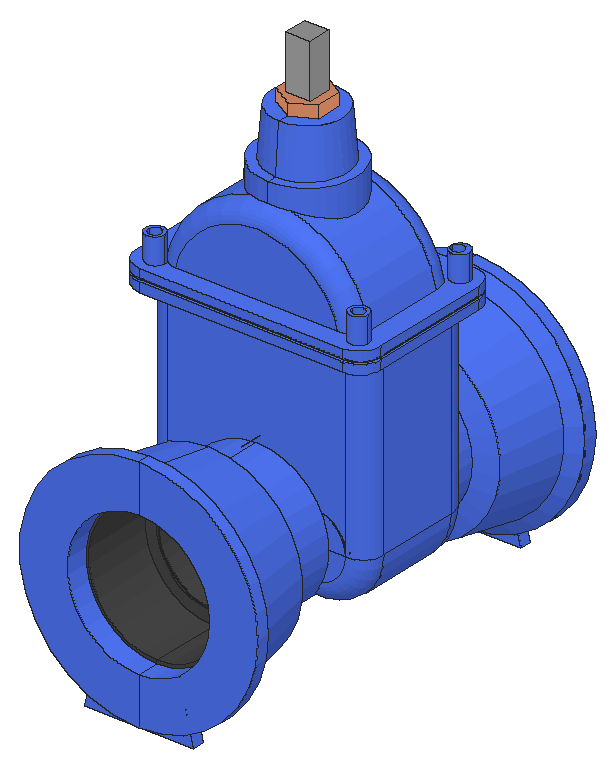
Revit family "33-76-001 DN80-400", category Pipe Accessories, Revit 2022
Family settings
  Round Connector Dimension = Use Diameter
  Part Type = Valve - Breaks Into
  Work Plane-Based = No
  Always vertical = No
  Cut with Voids When Loaded = No
  Shared = No
Parameters (values of type "DN080_PN16")
  W_actual = W / 2  # 86.5 mm
  W = size_lookup(Search_table, "W", 0 mm, DN)  # 173 mm
  Thickness = 9 mm  # constant formula
  T1 = Thickness * 1.8  # 16.2 mm
  Rib_dim2 = (W / 4.5) * 0.8  # 30.756 mm
  Rib_dim1 = W / 4.5  # 38.444 mm
  Location2 = L * 0.25  # 74.5 mm
  Location1 = L * 0.88  # 262.24 mm
  L = size_lookup(Search_table, "L", 0 mm, DN)  # 298 mm
  H3 = size_lookup(Search_table, "H3", 0 mm, DN)  # 375 mm
  H = size_lookup(Search_table, "H", 0 mm, DN)  # 84 mm
  Fillet = size_lookup(Search_table, "Fillet", 0 mm, DN)  # 15 mm
  F1 = size_lookup(Search_table, "F1", 0 mm, DN)  # 17 mm
  EPDM = Dd - 2 mm  # 99 mm
  Disk = Body_dim2 + 2 mm  # 46.7 mm
  Dim4 = 0 mm
  Dim3 = size_lookup(Search_table, "Dim3", 0 mm, DN)  # 66.222 mm
  Dim2 = size_lookup(Search_table, "Dim2", 0 mm, DN)  # 74.5 mm
  Dim1 = size_lookup(Search_table, "Dim1", 0 mm, DN)  # 67.2 mm
  DN400_PN16 = "33-400-76-0140087"
  DN350_PN16 = "33-350-76-0140087"
  DN300_PN16 = "33-300-76-0140087"
  DN250_PN16 = "33-250-76-0140099"
  DN200_PN16 = "33-200-76-0140099"
  DN150_PN16 = "33-150-76-0140099"
  DN100_PN16 = "33-100-76-0140099"
  DN = 80 mm
  Description_ = "AVK GATE VALVE, SOCKET ENDS, PN16"
  Default Elevation = 0 mm
  Dd = size_lookup(Search_table, "Dd", 0 mm, DN)  # 101 mm
  DN080_PN16 = "33-080-76-0140099\r\n33-080-76-0140099"
  Search_table = "33-76-001 DN80-400"
  URL product pages = "https://www.avkvalves.com/P.aspx?no=33080760140099"
  Bore = DN / 2  # 40 mm
  Bonnet_dim6 = Bonnet_dim5 * 0.9  # 25.104 mm
  Bonnet_dim5 = Bonnet_dim4 * 0.8  # 27.893 mm
  Bonnet_dim4 = Bonnet_dim1 * 0.6  # 34.866 mm
  Bonnet_dim3 = Bolt_T * 5  # 42.5 mm
  Bonnet_dim2 = Fillet / 2  # 7.5 mm
  Bonnet_dim1 = Body_dim2 * 1.3  # 58.11 mm
  Bonnet_dim = size_lookup(Search_table, "Bonnet_dim", 0 mm, DN)  # 42.5 mm
  Bonnet_W = W_actual * 0.83  # 71.795 mm
  Bonnet_FL_T = 0 mm
  Bonnet_Bolt2 = Fillet * 0.9  # 13.5 mm
  Bonnet_Bolt1 = Fillet * 0.6  # 9 mm
  Bonne_end = H3 * 0.9  # 337.5 mm
  Bolt_T = F1 / 2  # 8.5 mm
  Bolt = F1 * 0.9  # 15.3 mm
  Body_dim2 = size_lookup(Search_table, "Body_dim2", 0 mm, DN)  # 44.7 mm
  Body_dim1 = (W * 0.9) / 2  # 77.85 mm
  Body_H = H * 2.5  # 210 mm
  2 = 2 mm  # constant formula
  1 = 1 mm  # constant formula
Types (9, lengths in mm): name | W_actual | W | Rib_dim2 | Rib_dim1 | Location2 | Location1 | L | H3 | H | Fillet | F1 | EPDM | Disk | Dim3 | Dim2 | Dim1 | DN | Dd | Bore | Bonnet_dim6 | Bonnet_dim5 | Bonnet_dim4 | Bonnet_dim3 | Bonnet_dim2 | Bonnet_dim1 | Bonnet_dim | Bonnet_W | Bonnet_Bolt2 | Bonnet_Bolt1 | Bonne_end | Bolt_T | Bolt | Body_dim2 | Body_dim1 | Body_H
  (no name) | 86.5 | 173 | 30.756 | 38.444 | 74.5 | 262.24 | 298 | 375 | 84 | 15 | 17 | 99 | 46.7 | 66.222 | 74.5 | 67.2 | 80 | 101 | 40 | 25.104 | 27.893 | 34.866 | 42.5 | 7.5 | 58.11 | 42.5 | 71.795 | 13.5 | 9 | 337.5 | 8.5 | 15.3 | 44.7 | 77.85 | 210
  DN080_PN16 | 86.5 | 173 | 30.756 | 38.444 | 74.5 | 262.24 | 298 | 375 | 84 | 15 | 17 | 99 | 46.7 | 66.222 | 74.5 | 67.2 | 80 | 101 | 40 | 25.104 | 27.893 | 34.866 | 42.5 | 7.5 | 58.11 | 42.5 | 71.795 | 13.5 | 9 | 337.5 | 8.5 | 15.3 | 44.7 | 77.85 | 210
  DN100_PN16 | 97 | 194 | 34.489 | 43.111 | 79.25 | 278.96 | 317 | 408 | 94 | 18 | 19 | 119 | 49.55 | 75 | 84 | 75.2 | 100 | 121 | 50 | 26.704 | 29.671 | 37.089 | 47.5 | 9 | 61.815 | 47.5 | 80.51 | 16.2 | 10.8 | 367.2 | 9.5 | 17.1 | 47.55 | 87.3 | 235
  DN150_PN16 | 137 | 274 | 48.711 | 60.889 | 87.75 | 308.88 | 351 | 530 | 121 | 20 | 19 | 171 | 54.65 | 100 | 110 | 96.8 | 150 | 173 | 75 | 29.568 | 32.854 | 41.067 | 47.5 | 10 | 68.445 | 47.5 | 113.71 | 18 | 12 | 477 | 9.5 | 17.1 | 52.65 | 123.3 | 302.5
  DN200_PN16 | 167 | 334 | 59.378 | 74.222 | 96.75 | 340.56 | 387 | 646 | 147 | 22 | 24 | 223 | 60.05 | 125 | 140 | 110 | 200 | 225 | 100 | 32.601 | 36.223 | 45.279 | 60 | 11 | 75.465 | 60 | 138.61 | 19.8 | 13.2 | 581.4 | 12 | 21.6 | 58.05 | 150.3 | 367.5
  DN250_PN16 | 211 | 422 | 75.022 | 93.778 | 107 | 376.64 | 428 | 810 | 175 | 24 | 27 | 275 | 72 | 150 | 165 | 115 | 250 | 277 | 125 | 39.312 | 43.68 | 54.6 | 67.5 | 12 | 91 | 67.5 | 175.13 | 21.6 | 14.4 | 729 | 13.5 | 24.3 | 70 | 189.9 | 437.5
  DN300_PN16 | 226 | 452 | 80.356 | 100.444 | 114.5 | 403.04 | 458 | 921 | 210 | 26 | 27 | 327 | 70.7 | 182 | 195 | 130 | 300 | 329 | 150 | 38.582 | 42.869 | 53.586 | 67.5 | 13 | 89.31 | 67.5 | 187.58 | 23.4 | 15.6 | 828.9 | 13.5 | 24.3 | 68.7 | 203.4 | 525
  DN350_PN16 | 282 | 564 | 100.267 | 125.333 | 115 | 404.8 | 460 | 1152 | 228 | 28 | 32 | 379 | 80 | 205 | 215 | 108 | 350 | 381 | 175 | 43.805 | 48.672 | 60.84 | 80 | 14 | 101.4 | 185 | 234.06 | 25.2 | 16.8 | 1036.8 | 16 | 28.8 | 78 | 253.8 | 570
  DN400_PN16 | 282 | 564 | 100.267 | 125.333 | 115 | 404.8 | 460 | 1209 | 255 | 30 | 32 | 430 | 82 | 230 | 240 | 110 | 400 | 432 | 200 | 44.928 | 49.92 | 62.4 | 80 | 15 | 104 | 165 | 234.06 | 27 | 18 | 1088.1 | 16 | 28.8 | 80 | 253.8 | 637.5
Reference planes
  plane 1 "Center (Front/Back)": y = 0
  plane 2: z = 0
  plane 3 "Center (Left/Right)": x = 0
  plane 4: z = 50.5
  plane 5: z = -50.5
  plane 6: y = 149
  plane 7: y = -149
  plane 8: z = -84
  plane 9: z = 126
  plane 10: z = 133.5
  plane 11: z = 291
  plane 12: y = 8.5
  plane 13: y = -8.5
  plane 14: x = 8.5
  plane 15: x = -8.5
  plane 16: z = 253.5
  plane 17: y = 44.7
  plane 18: y = -44.7
  plane 19: y = 8.5
  plane 20: y = -8.5
  plane 21: x = -86.5
  plane 22: x = 86.5
  plane 23: through (0, 0, 1200) normal (-0.5, 0.866, 0)
  plane 24: through (0, 0, 1200) normal (-0.5, -0.866, 0)
  plane 25: y = 46.7
  plane 26: y = -46.7
  plane 27: y = 81.8
  plane 28: y = 81.8
  plane 29: z = 40
  plane 30: y = 81.8
Forms (mm)
  Revolve 1, solid, material "Plastic"
    sketch origin (0, 0, 0) x (0, 1, 0) y (0, 0, 1)
      loop
        line (81.8, 50.5) -> (-81.8, 50.5) -> (-81.8, 40) -> (81.8, 40) -> (81.8, 50.5)
      axis (81.8, 0) -> (-81.8, 0)
    angle from 0 to 360
  Extrusion 2, solid, material "Plastic"
    sketch origin (0, 0, 0) x (1, 0, 0) y (0, 0, 1)
      loop
        line (-38.444, -84) -> (38.444, -84) -> (30.756, -51.023)
        arc (30.756, -51.023) -> (0, -52.5) -> (-30.756, -51.023) r 320.945
        line (-30.756, -51.023) -> (-38.444, -84)
    from 140 to 148
  Extrusion 3, solid, material "Plastic"
    sketch origin (0, 0, 0) x (1, 0, 0) y (0, 0, -1)
      loop
        line (-38.444, 84) -> (-30.756, 50.5) -> (30.756, 50.5) -> (38.444, 84) -> (-38.444, 84)
    from 140 to 148
  Extrusion 4, solid, material "Plastic"
    sketch origin (0, 0, 0) x (1, 0, 0) y (0, 1, 0)
      loop
        arc (-62.85, 44.7) -> (-73.457, 40.307) -> (-77.85, 29.7) r 15
        line (-77.85, 29.7) -> (-77.85, -29.7)
        arc (-77.85, -29.7) -> (-73.457, -40.307) -> (-62.85, -44.7) r 15
        line (-62.85, -44.7) -> (62.85, -44.7)
        arc (62.85, -44.7) -> (73.457, -40.307) -> (77.85, -29.7) r 15
        line (77.85, -29.7) -> (77.85, 29.7)
        arc (77.85, 29.7) -> (73.457, 40.307) -> (62.85, 44.7) r 15
        line (62.85, 44.7) -> (-62.85, 44.7)
    from 0 to 126
  Revolve 5, solid, material "Plastic"
    sketch origin (0, 0, 0) x (1, 0, 0) y (0, 1, 0)
      loop
        arc (77.85, 29.7) -> (73.457, 40.307) -> (62.85, 44.7) r 15
        line (62.85, 44.7) -> (40, 44.7) -> (40, -44.7) -> (62.85, -44.7)
        arc (62.85, -44.7) -> (73.457, -40.307) -> (77.85, -29.7) r 15
        line (77.85, -29.7) -> (77.85, 29.7)
      axis (40, 44.7) -> (40, -44.7)
    angle from 0 to 360
  Revolve 6, solid, material "Plastic"
    sketch origin (0, 0, 0) x (1, 0, 0) y (0, 1, 0)
      loop
        arc (-62.85, 44.7) -> (-73.457, 40.307) -> (-77.85, 29.7) r 15
        line (-77.85, 29.7) -> (-77.85, -29.7)
        arc (-77.85, -29.7) -> (-73.457, -40.307) -> (-62.85, -44.7) r 15
        line (-62.85, -44.7) -> (-40, -44.7) -> (-40, 44.7) -> (-62.85, 44.7)
      axis (-40, 44.7) -> (-40, -44.7)
    angle from 0 to 360
  Extrusion 7, solid, material "Plastic"
    sketch origin (-292.418, -1524, 126) x (-1, 0, 0) y (0, -1, 0)
      loop
        arc (-220.918, -1582.11) -> (-210.311, -1577.717) -> (-205.918, -1567.11) r 15
        line (-205.918, -1567.11) -> (-205.918, -1480.89)
        arc (-205.918, -1480.89) -> (-210.311, -1470.283) -> (-220.918, -1465.89) r 15
        line (-220.918, -1465.89) -> (-363.918, -1465.89)
        arc (-363.918, -1465.89) -> (-374.525, -1470.283) -> (-378.918, -1480.89) r 15
        line (-378.918, -1480.89) -> (-378.918, -1567.11)
        arc (-378.918, -1567.11) -> (-374.525, -1577.717) -> (-363.918, -1582.11) r 15
        line (-363.918, -1582.11) -> (-220.918, -1582.11)
    from 0 to 15
  Sweep 8, void
    path in 3D
      loop
        arc (71.5, -58.11, 141) -> (82.107, -53.717, 141) -> (86.5, -43.11, 141) r 15
        line (86.5, -43.11, 141) -> (86.5, 43.11, 141)
        arc (86.5, 43.11, 141) -> (82.107, 53.717, 141) -> (71.5, 58.11, 141) r 15
        line (71.5, 58.11, 141) -> (-71.5, 58.11, 141)
        arc (-71.5, 58.11, 141) -> (-82.107, 53.717, 141) -> (-86.5, 43.11, 141) r 15
        line (-86.5, 43.11, 141) -> (-86.5, -43.11, 141)
        arc (-86.5, -43.11, 141) -> (-82.107, -53.717, 141) -> (-71.5, -58.11, 141) r 15
        line (-71.5, -58.11, 141) -> (71.5, -58.11, 141)
    profile origin (0, -58.11, 141) x (0, 1, 0) y (0, 0, 1)
      loop
        circle (0, -7.5) r 1
  Extrusion 9, solid, material "Default Wall"
    sketch origin (-135.149, -1524, 291) x (-1, 0, 0) y (0, -1, 0)
      loop
        line (-126.649, -1532.5) -> (-126.649, -1515.5) -> (-143.649, -1515.5) -> (-143.649, -1532.5) -> (-126.649, -1532.5)
    from 0 to -165
  Revolve 10, solid, material "Plastic"
    sketch origin (-292.418, -1524, 126) x (-1, 0, 0) y (0, -1, 0)
      loop
        line (-292.418, -1568.7) -> (-292.418, -1479.3) -> (-351.713, -1479.3)
        arc (-351.713, -1479.3) -> (-360.552, -1482.961) -> (-364.213, -1491.8) r 12.5
        line (-364.213, -1491.8) -> (-364.213, -1550.053)
        arc (-364.213, -1550.053) -> (-358.751, -1563.238) -> (-345.566, -1568.7) r 18.647
        line (-345.566, -1568.7) -> (-292.418, -1568.7)
      axis (-292.418, -1568.7) -> (-292.418, -1479.3)
    angle from 360 to 180
  Revolve 11, solid, material "Plastic"
    sketch origin (0, 0, 0) x (0, 1, 0) y (0, 0, 1)
      loop
        line (0, 245) -> (-25.104, 245) -> (-27.893, 211) -> (-34.866, 211) -> (-34.866, 133.5) -> (0, 133.5) -> (0, 245)
      axis (0, 245) -> (0, 133.5)
    angle from 0 to 360
  Extrusion 12, solid, material "Poche"
    sketch origin (-292.418, -1524, 126) x (-1, 0, 0) y (0, -1, 0)
      loop
        line (-277.118, -1515.167) -> (-292.418, -1506.333) -> (-307.718, -1515.167) -> (-307.718, -1532.833) -> (-292.418, -1541.667) -> (-277.118, -1532.833) -> (-277.118, -1515.167)
    from 119 to 127.5
  Extrusion 13, solid, material "Plastic"
    sketch origin (-292.418, -1524, 126) x (-1, 0, 0) y (0, -1, 0)
      loop
        circle (-220.623, -1568.7) r 4.5
      loop
        circle (-220.623, -1568.7) r 6.75
      loop
        circle (-220.623, -1479.3) r 4.5
      loop
        circle (-220.623, -1479.3) r 6.75
      loop
        circle (-362.906, -1568.7) r 4.5
      loop
        circle (-364.213, -1568.7) r 6.75
      loop
        circle (-364.213, -1479.3) r 4.5
      loop
        circle (-364.213, -1479.3) r 6.75
    from 0 to 32.604
  Revolve 14, solid, material "Plastic"
    sketch origin (0, 0, 0) x (0, 1, 0) y (0, 0, 1)
      loop
        line (81.8, 50.5) -> (149, 50.5) -> (149, 84) -> (140, 84) -> (132.8, 74.5) -> (87.053, 66.222) -> (81.8, 50.5)
      axis (149, 0) -> (81.8, 0)
    angle from 0 to 360
  Revolve 15, solid, material "Plastic"
    sketch origin (0, 0, 0) x (0, -1, 0) y (0, 0, -1)
      loop
        line (81.8, -50.5) -> (87.053, -66.222) -> (132.8, -74.5) -> (140, -84) -> (149, -84) -> (149, -50.5) -> (81.8, -50.5)
      axis (149, 0) -> (81.8, 0)
    angle from 0 to 360
  Revolve 16, solid, material "Aluminum 1100-O"
    sketch origin (0, 0, 0) x (0, 1, 0) y (0, 0, 1)
      loop
        line (46.7, 40) -> (-46.7, 40) -> (-46.7, 0) -> (46.7, 0) -> (46.7, 40)
      axis (46.7, 0) -> (-46.7, 0)
    angle from 0 to 360
  Revolve 17, solid, material "Default Roof"
    sketch origin (0, 0, 0) x (0, 1, 0) y (0, 0, 1)
      loop
        line (132.8, 50.5) -> (82.8, 50.5) -> (82.8, 48.5) -> (132.8, 48.5) -> (132.8, 50.5)
      loop
        line (-132.8, 50.5) -> (-132.8, 48.5) -> (-82.8, 48.5) -> (-82.8, 50.5) -> (-132.8, 50.5)
      axis (132.8, 0) -> (-132.8, 0)
    angle from 0 to 360
  Revolve 18, solid, material "Default Roof"
    sketch origin (0, 0, 0) x (0, 1, 0) y (0, 0, 1)
      loop
        line (81.8, 39) -> (81.8, 40) -> (47.7, 40) -> (47.7, 39) -> (81.8, 39)
      loop
        line (-47.7, 39) -> (-47.7, 40) -> (-81.8, 40) -> (-81.8, 39) -> (-47.7, 39)
      axis (81.8, 0) -> (-81.8, 0)
    angle from 0 to 360
  Revolve 19, solid, material "Default Roof"
    sketch origin (0, 0, 0) x (0, 1, 0) y (0, 0, 1)
      loop
        line (82.8, 49.5) -> (81.8, 49.5) -> (81.8, 40) -> (82.8, 40) -> (82.8, 49.5)
      loop
        line (-81.8, 49.5) -> (-82.8, 49.5) -> (-82.8, 40) -> (-81.8, 40) -> (-81.8, 49.5)
      axis (82.8, 0) -> (-82.8, 0)
    angle from 0 to 360
Cuts and joins
  Sweep 8 cuts Extrusion 7
Lines and regions (mm)
  sketch lines
    curve 1: line (-71.5, -58.11, 141) -> (71.5, -58.11, 141)
    curve 2: arc (86.5, -43.11, 141) -> (82.107, -53.717, 141) -> (71.5, -58.11, 141) r 15
    curve 3: line (86.5, -43.11, 141) -> (86.5, 43.11, 141)
    curve 4: arc (71.5, 58.11, 141) -> (82.107, 53.717, 141) -> (86.5, 43.11, 141) r 15
    curve 5: line (71.5, 58.11, 141) -> (-71.5, 58.11, 141)
    curve 6: arc (-86.5, 43.11, 141) -> (-82.107, 53.717, 141) -> (-71.5, 58.11, 141) r 15
    curve 7: line (-86.5, 43.11, 141) -> (-86.5, -43.11, 141)
    curve 8: arc (-71.5, -58.11, 141) -> (-82.107, -53.717, 141) -> (-86.5, -43.11, 141) r 15
Dimensions and locks
  equal spacing: plane 6, plane 1 "Center (Front/Back)", plane 7
  equal spacing: plane 4, level, plane 5
  "L": plane 6 to plane 7
  "Dd": plane 4 to plane 5
  equal spacing: Revolve 1 sketch curve, plane 1 "Center (Front/Back)", Revolve 1 sketch curve
  "H": level to plane 8
  "Rib_dim1": plane 3 "Center (Left/Right)" to Extrusion 2 sketch curve
  equal spacing: Extrusion 2 sketch curve, plane 3 "Center (Left/Right)", Extrusion 2 sketch curve  (x2)
  equal spacing: Extrusion 3 sketch curve, plane 3 "Center (Left/Right)", Extrusion 3 sketch curve  (x2)
  "Rib_dim1": plane 3 "Center (Left/Right)" to Extrusion 3 sketch curve
  "Rib_dim2": Extrusion 3 sketch curve to plane 3 "Center (Left/Right)"
  equal spacing: Extrusion 4 sketch curve, plane 1 "Center (Front/Back)", Extrusion 4 sketch curve
  equal spacing: Extrusion 4 sketch curve, plane 3 "Center (Left/Right)", Extrusion 4 sketch curve
  "Body_dim1": Extrusion 4 sketch curve to plane 3 "Center (Left/Right)"
  "Body_dim2": plane 1 "Center (Front/Back)" to Extrusion 4 sketch curve
  "Body_H": plane 9 to plane 8
  equal spacing: Extrusion 7 sketch curve, plane 1 "Center (Front/Back)", Extrusion 7 sketch curve
  equal spacing: Extrusion 7 sketch curve, plane 3 "Center (Left/Right)", Extrusion 7 sketch curve
  "W_actual": Extrusion 7 sketch curve to plane 3 "Center (Left/Right)"
  "Bonnet_dim1": plane 1 "Center (Front/Back)" to Extrusion 7 sketch curve
  "Fillet": Extrusion 7 to plane 9
  "Bonnet_dim2": plane 10 to plane 9
  equal spacing: profile plane, Sweep 8 sketch curve, plane 9
  "H3": plane 11 to plane 8
  equal spacing: Extrusion 9 sketch curve, plane 3 "Center (Left/Right)", Extrusion 9 sketch curve
  equal spacing: Extrusion 9 sketch curve, plane 1 "Center (Front/Back)", Extrusion 9 sketch curve
  equal spacing: plane 15, plane 3 "Center (Left/Right)", plane 14
  equal spacing: plane 13, plane 1 "Center (Front/Back)", plane 12
  "F1": plane 15 to plane 14
  "F1": plane 12 to plane 13
  equal spacing: Extrusion 4, plane 1 "Center (Front/Back)", Extrusion 4
  "Bonnet_W": plane 3 "Center (Left/Right)" to Revolve 10 sketch curve
  "Bonne_end": plane 16 to plane 8
  "Bolt_T": plane 16 to Revolve 11 sketch curve
  "Bonnet_dim": plane 16 to Revolve 11 sketch curve
  "Bonnet_dim4": plane 1 "Center (Front/Back)" to Revolve 11 sketch curve
  "Bonnet_dim5": plane 1 "Center (Front/Back)" to Revolve 11 sketch curve
  "Bonnet_dim6": plane 1 "Center (Front/Back)" to Revolve 11 sketch curve
  "Bolt_T": plane 16 to Extrusion 12
  "Bonnet_W": Extrusion 13 sketch curve to plane 3 "Center (Left/Right)"
  "Body_dim2": plane 1 "Center (Front/Back)" to Extrusion 13 sketch curve  (x2)
  "Bonnet_dim6": Extrusion 13 to plane 10
  equal spacing: Extrusion 13 sketch curve, plane 1 "Center (Front/Back)", Extrusion 13 sketch curve  (x2)
  equal spacing: Extrusion 13 sketch curve, plane 3 "Center (Left/Right)", Extrusion 13 sketch curve  (x2)
  "Bonnet_W": plane 3 "Center (Left/Right)" to Extrusion 13 sketch curve
  equal spacing: plane 17, plane 1 "Center (Front/Back)", plane 18
  "Body_dim2": plane 17 to plane 1 "Center (Front/Back)"
  plane 4 to plane 5 = 101 mm  (x2)
  plane 6 to plane 7 = 298 mm
  plane 11 to plane 8 = 375 mm
  equal spacing: plane 19, plane 1 "Center (Front/Back)", plane 20
  "F1": plane 19 to plane 20
  equal spacing: plane 22, plane 3 "Center (Left/Right)", plane 21
  "W": plane 22 to plane 21
  equal spacing: Extrusion 3, plane 1 "Center (Front/Back)", Extrusion 2
  "Thickness": plane 6 to Extrusion 3
  "H": Revolve 14 sketch curve to level
  "T1": plane 6 to Revolve 14 sketch curve
  "Thickness": plane 6 to Revolve 14 sketch curve
  "Dim2": Revolve 14 sketch curve to level
  "Dim1": plane 6 to Revolve 14 sketch curve
  "Dim3": Revolve 14 sketch curve to level
  "Thickness": Revolve 15 sketch curve to plane 7
  "T1": Revolve 15 sketch curve to plane 7
  "Dim1": Revolve 15 sketch curve to plane 7
  "H": Revolve 15 sketch curve to level
  "Dim2": Revolve 15 sketch curve to level
  "Dim3": Revolve 15 sketch curve to level
  "Bolt": Extrusion 12 sketch curve to plane 23
  equal spacing: Extrusion 12 sketch curve, plane 23, Extrusion 12 sketch curve
  equal spacing: Extrusion 12 sketch curve, plane 24, Extrusion 12 sketch curve
  "Bolt": Extrusion 12 sketch curve to plane 24
  equal spacing: Extrusion 12 sketch curve, plane 3 "Center (Left/Right)", Extrusion 12 sketch curve
  "Bolt": Extrusion 12 sketch curve to plane 3 "Center (Left/Right)"
  "1": plane 6 to Extrusion 3
  "1": Extrusion 2 to plane 7
  "Bore": Revolve 6 sketch curve to plane 3 "Center (Left/Right)"
  "Bore": plane 3 "Center (Left/Right)" to Revolve 5 sketch curve
  "Rib_dim2": plane 3 "Center (Left/Right)" to Extrusion 2 sketch curve
  "2": plane 5 to Extrusion 2 sketch curve
  equal spacing: plane 25, plane 1 "Center (Front/Back)", plane 26
  "Disk": plane 25 to plane 1 "Center (Front/Back)"
  equal spacing: Revolve 16 sketch curve, plane 1 "Center (Front/Back)", Revolve 16 sketch curve
  "Bore": Revolve 16 sketch curve to level
  "Dim1": plane 6 to Revolve 1 sketch curve
  "Bore": Revolve 1 sketch curve to level
  equal spacing: Revolve 17 sketch curve, plane 1 "Center (Front/Back)", Revolve 17 sketch curve  (x2)
  "2": plane 4 to Revolve 17 sketch curve
  "T1": plane 6 to Revolve 17 sketch curve
  "Dim1": plane 6 to plane 27
  "1": Revolve 17 sketch curve to plane 27
  equal spacing: Revolve 18 sketch curve, plane 1 "Center (Front/Back)", Revolve 18 sketch curve  (x2)
  "1": Revolve 18 sketch curve to plane 25
  "Dim1": plane 6 to plane 28
  "Bore": plane 29 to level
  "1": plane 29 to Revolve 18 sketch curve
  equal spacing: Revolve 19 sketch curve, plane 1 "Center (Front/Back)", Revolve 19 sketch curve  (x2)
  "Dim1": plane 6 to plane 30
  "Bore": Revolve 19 sketch curve to level
  "1": Revolve 19 sketch curve to plane 30
  "1": plane 4 to Revolve 19 sketch curve
  equal spacing: Extrusion 13 sketch curve, plane 17, Extrusion 13 sketch curve  (x2)
  equal spacing: Extrusion 13 sketch curve, plane 18, Extrusion 13 sketch curve  (x2)
  "Fillet": radius of Extrusion 4 sketch curve  (x4)
  "Fillet": radius of Extrusion 7 sketch curve  (x4)
  "2": diameter of Sweep 8 sketch curve
  "Bonnet_Bolt1": diameter of Extrusion 13 sketch curve  (x4)
  "Bonnet_Bolt2": diameter of Extrusion 13 sketch curve  (x4)
  radius of Extrusion 2 sketch curve = 320.945 mm
  angle plane 24 to plane 1 "Center (Front/Back)" = 30.00°
  angle plane 1 "Center (Front/Back)" to plane 23 = 30.00°
  aligned and locked: level to plane 2
  aligned and locked: level to Revolve 1 sketch curve
  aligned and locked: Extrusion 2 sketch curve to plane 8
  aligned and locked: Extrusion 3 to plane 8
  aligned and locked: plane 5 to Extrusion 3
  aligned and locked: Extrusion 3 sketch curve to plane 8
  aligned and locked: Extrusion 3 sketch curve to plane 5
  aligned and locked: Extrusion 4 to level
  aligned and locked: plane 9 to Extrusion 4
  aligned and locked: Revolve 5 sketch curve to Extrusion 4  (x2)
  aligned and locked: Revolve 6 sketch curve to Extrusion 4  (x2)
  aligned and locked: Extrusion 7 to plane 9
  aligned and locked: plane 15 to Extrusion 9 sketch curve
  aligned and locked: plane 13 to Extrusion 9 sketch curve
  aligned and locked: Extrusion 9 to plane 9
  aligned and locked: plane 11 to Extrusion 9
  aligned and locked: Extrusion 4 to Revolve 10 sketch curve  (x2)
  aligned and locked: Revolve 10 sketch curve to plane 3 "Center (Left/Right)"  (x2)
  aligned and locked: Revolve 10 to plane 9
  aligned and locked: plane 9 to Revolve 10
  aligned and locked: plane 10 to Revolve 11 sketch curve
  aligned and locked: plane 1 "Center (Front/Back)" to Revolve 11 sketch curve
  aligned and locked: Revolve 11 sketch curve to plane 1 "Center (Front/Back)"
  aligned and locked: plane 16 to Extrusion 12
  aligned and locked: Extrusion 13 to plane 9
  aligned and locked: plane 1 "Center (Front/Back)" to nested 1
  aligned and locked: Revolve 14 sketch curve to plane 6
  aligned and locked: plane 4 to Revolve 14 sketch curve
  aligned and locked: Revolve 14 sketch curve to level
  aligned and locked: Revolve 15 sketch curve to plane 4
  aligned and locked: plane 7 to Revolve 15 sketch curve
  aligned and locked: Revolve 6 sketch curve to Revolve 6 sketch curve
  aligned and locked: Revolve 5 sketch curve to Revolve 5 sketch curve
  aligned and locked: plane 25 to Revolve 16 sketch curve
  aligned and locked: level to Revolve 16 sketch curve
  aligned and locked: Revolve 16 sketch curve to level
  aligned and locked: Revolve 1 sketch curve to plane 4
  aligned and locked: level to Revolve 17 sketch curve
  aligned and locked: Revolve 17 sketch curve to plane 4
  aligned and locked: Revolve 17 sketch curve to Revolve 17 sketch curve
  aligned and locked: plane 4 to Revolve 17 sketch curve
  aligned and locked: Revolve 18 sketch curve to Revolve 18 sketch curve  (x2)
  aligned and locked: plane 29 to Revolve 18 sketch curve
  aligned and locked: plane 28 to Revolve 18 sketch curve
  aligned and locked: Revolve 18 sketch curve to level
  aligned and locked: Revolve 19 sketch curve to Revolve 19 sketch curve  (x2)
  aligned and locked: plane 30 to Revolve 19 sketch curve
  aligned and locked: Revolve 19 sketch curve to level
Automatic sketch dimensions
  Sweep 8 sketch curve to profile plane = 0 mm
  Revolve 1 sketch curve to plane 7 = 22.5 mm
  Revolve 1 sketch curve to plane 6 = 19.461 mm
  Extrusion 2 sketch curve to plane 3 "Center (Left/Right)" = 0 mm
  Revolve 5 sketch curve to plane 20 = 15.418 mm
  Revolve 5 sketch curve to plane 25 = 10.382 mm
  Revolve 6 sketch curve to plane 20 = 17.092 mm
  Revolve 6 sketch curve to plane 19 = 16.908 mm
  Revolve 10 sketch curve to Revolve 10 sketch curve = 12.5 mm
  Revolve 10 sketch curve to Revolve 10 sketch curve = 18.647 mm
  plane 17 to Revolve 10 sketch curve = 0.073 mm
  plane 26 to Revolve 10 sketch curve = 2.073 mm
  Revolve 11 sketch curve to Revolve 11 sketch curve = 26.993 mm
  Revolve 11 sketch curve to Revolve 11 sketch curve = 6.095 mm
  Extrusion 12 sketch curve to plane 3 "Center (Left/Right)" = 0 mm
  plane 24 to Extrusion 12 sketch curve = 0 mm
  Extrusion 13 sketch curve to Extrusion 13 sketch curve = 0 mm  (x3)
  Extrusion 13 sketch curve to Extrusion 13 sketch curve = 1.307 mm
  Revolve 14 sketch curve to Revolve 14 sketch curve = 5.253 mm
  plane 6 to Revolve 14 sketch curve = 32.658 mm
  Revolve 14 sketch curve to Revolve 14 sketch curve = 190 mm
  Revolve 15 sketch curve to level = 0 mm
  Revolve 15 sketch curve to Revolve 15 sketch curve = 5.253 mm
  plane 7 to Revolve 15 sketch curve = 32.658 mm
  Revolve 15 sketch curve to Revolve 15 sketch curve = 190 mm
  plane 7 to Revolve 16 sketch curve = 138.604 mm
  plane 6 to Revolve 16 sketch curve = 186.396 mm
  Revolve 17 sketch curve to plane 20 = 16.747 mm
  Revolve 17 sketch curve to plane 6 = 29.947 mm
  plane 26 to Revolve 18 sketch curve = 41.9 mm
  Revolve 18 sketch curve to plane 6 = 9 mm
  plane 6 to Revolve 19 sketch curve = 26.779 mm
  Revolve 19 sketch curve to Revolve 19 sketch curve = 185 mm
Nested families
  nested 1: "logo small-1" at (-77.85, 0, 90.273) x (0, -1, 0) z (-1, 0, 0), type "logo small-1"
Connectors
  piping at (0, 149, 0), diameter 80, driven by "DN"
    settings: on Revolve 14, index 1, connector inside diameter 609.6 mm, connector length 0 mm, flow factor 0, pipe flow 0.0 L/s, pressure drop 0.0 Pa, fitting loss kfactor 0, connector angle 0.00°, fixture units 0, engagement length 0 mm, angle of deflection 0.00°, flow configuration 0, flow direction 0, fitting loss method 0, system type 7, joint type 0, gender type 0, connector reference index -1, connector utility 0, adjustable connector no, is connector primary yes, connector description ""
  piping at (0, -149, 0), diameter 80, driven by "DN"
    settings: on Revolve 15, index 2, connector inside diameter 609.6 mm, connector length 0 mm, flow factor 0, pipe flow 0.0 L/s, pressure drop 0.0 Pa, fitting loss kfactor 0, connector angle 0.00°, fixture units 0, engagement length 0 mm, angle of deflection 0.00°, flow configuration 0, flow direction 0, fitting loss method 0, system type 7, joint type 0, gender type 0, connector reference index -1, connector utility 0, adjustable connector no, is connector primary no, connector description ""
Definition of nested family "logo small-1"
  Parameters
    Default Elevation = 1219.2 mm
  Reference planes
    plane 1 "Center (Front/Back)": y = 0
    plane 2: z = 0
    plane 3 "Center (Left/Right)": x = 0
  Forms (mm)
    Extrusion 1, solid
      sketch origin (0, 0, 0) x (1, 0, 0) y (0, 1, 0)
        loop
          line (-26.697, 30) -> (-26.697, -20.859) -> (26.519, -20.859) -> (26.519, 30) -> (-26.697, 30)
      from 0 to -304.8
    Extrusion 2, solid
      sketch origin (0, 0, 0) x (1, 0, 0) y (0, 1, 0)
        loop
          line (-20.607, 8.379) -> (-20.607, 4.302) -> (-16.724, 4.302) -> (-20.607, -5.729) -> (-16.724, -5.729) -> (-15.818, -3.389) -> (-9.104, -3.389) -> (-8.117, -5.729) -> (-3.91, -5.729) -> (-9.864, 8.379) -> (-20.607, 8.379)
        loop
          line (-12.518, 5.079) -> (-14.33, 0) -> (-10.641, 0) -> (-12.518, 5.079)
        loop
          line (-8.635, 9.738) -> (-2.292, -5.729) -> (2.173, -5.729) -> (8.451, 9.738) -> (20.488, 9.738) -> (20.488, 13.686) -> (5.312, 13.686) -> (0, 0) -> (-5.463, 13.686) -> (-20.607, 13.686) -> (-20.607, 9.738) -> (-8.635, 9.738)
        loop
          line (20.488, 4.302) -> (20.488, 8.379) -> (16.605, 8.379)
          arc (16.605, 8.379) -> (15.328, 4.717) -> (11.816, 3.072) r 4.995
          line (11.816, 3.072) -> (13.952, 8.379) -> (9.68, 8.379) -> (3.921, -5.729) -> (8.29, -5.729) -> (10.518, -0.27) -> (14.236, -5.729) -> (19.616, -5.729) -> (14.879, 0.432)
          arc (14.879, 0.432) -> (17.563, 1.981) -> (19.616, 4.302) r 9.637
          line (19.616, 4.302) -> (20.488, 4.302)
      from 0 to 2
  Dimensions and locks
    aligned and locked: plane 2 to Extrusion 1
    aligned and locked: level to Extrusion 1
    aligned and locked: Extrusion 2 sketch curve to import instance  (x36)
    aligned and locked: plane 1 "Center (Front/Back)" to Extrusion 2 sketch curve
